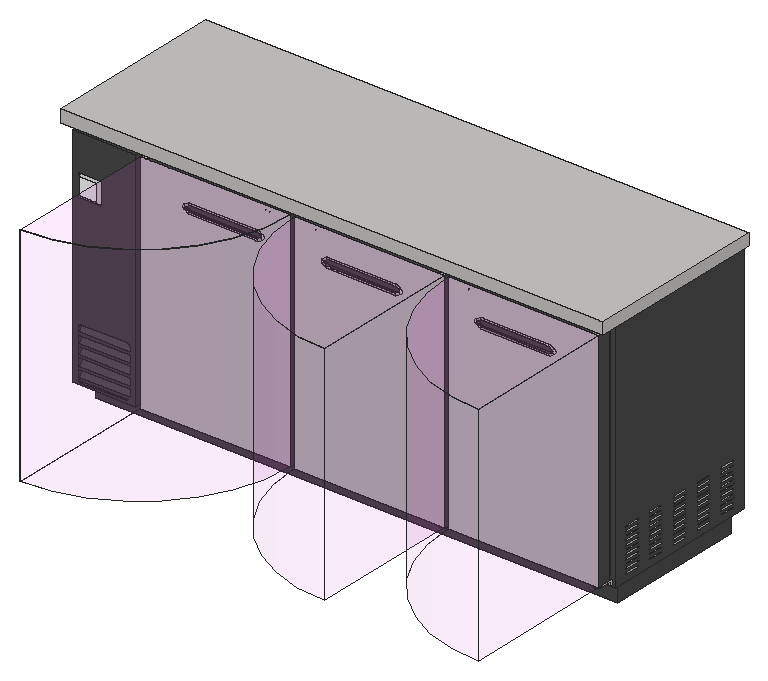
Revit family "QF_Kelvinator_738271_KCHBB72S_3-Solid_Door_Back_Bar_Refrigerator_Black_73_Long", category Specialty Equipment, Revit 2021 (continued)
Definition of nested family "KCHBB48S"
  Definition of nested family "Family1"
    Forms (in)
      Extrusion 17, solid
        sketch origin (1, 0.35049, -1.06969) x (0, 0, 1) y (-1, 0, 0)
          loop
            circle (0.77738, -0.54332) r 0.25
        from 0 to 0.125
      Extrusion 18, solid
        sketch origin (2, 0.35049, -1.06969) x (0, 0, 1) y (-1, 0, 0)
          loop
            circle (0.77738, 1.45668) r 0.25
        from 0 to 0.125
      Extrusion 19, solid, visible <- "Show Clearance"
        sketch origin (0, 0, 0) x (1, 0, 0) y (0, 1, 0)
          loop
            line (0, -1.75) -> (0, -21.95)
            arc (0, -21.95) -> (14.28356, -16.03356) -> (20.2, -1.75) r 20.2
            line (20.2, -1.75) -> (0, -1.75)
        from 0 to 30.4
    Cuts and joins
      Extrusion 2, Extrusion 4 cuts Extrusion 1
      joined: Extrusion 7, Extrusion 8, Extrusion 9, Extrusion 10, Extrusion 11, Extrusion 12
      joined: Extrusion 13, Extrusion 14, Extrusion 15, Extrusion 16, Extrusion 17, Extrusion 18
    Lines and regions (in)
      Split face 1
        outline origin (0, -1.75, 30.4) x (-1, 0, 0) y (0, 0, -1)
          loop
            arc (-16.6075, 0.1875) -> (-16.295, 0.5) -> (-16.6075, 0.8125) r 0.3125
            line (-16.6075, 0.8125) -> (-17.70125, 0.8125)
            arc (-17.70125, 0.8125) -> (-18.01375, 0.5) -> (-17.70125, 0.1875) r 0.3125
            line (-17.70125, 0.1875) -> (-16.6075, 0.1875)
      Split face 2
        outline origin (0, -1.75, 30.4) x (-1, 0, 0) y (0, 0, -1)
          loop
            circle (-17.15437, 0.5) r 0.2773
      symbolic lines, visible <- "Show Clearance"
        curve 1: line (1.02191, -2.34, 0) -> (17.49371, -11.85, 0)
        curve 2: arc (17.49371, -11.85, 0) -> (19.43326, -7.26257, 0) -> (20.19138, -2.34, 0) r 20.2
    Dimensions and locks (in)
      equal spacing: plane 3 "LEFT", plane 7 "Center Y", plane 4 "RIGHT"
      "Length": plane 3 "LEFT" to plane 4 "RIGHT"
      equal spacing: plane 5 "FRONT", plane 8 "Center X", plane 1 "BACK"
      "Depth": plane 5 "FRONT" to plane 1 "BACK"
      "Height": plane 6 "TOP" to level
      aligned and locked: level to plane 2
    Automatic sketch dimensions
      Extrusion 1 sketch curve to level = 0.000"
      Extrusion 1 sketch curve to plane 3 "LEFT" = 0.000"
      plane 4 "RIGHT" to Extrusion 1 sketch curve = 0.000"
      Extrusion 1 sketch curve to plane 6 "TOP" = 0.000"
      Extrusion 2 sketch curve to plane 6 "TOP" = 4.42179"
      Extrusion 2 sketch curve to Extrusion 2 sketch curve = 0.3367"
      Extrusion 2 sketch curve to Extrusion 2 sketch curve = 0.33813"  (x2)
      Extrusion 2 sketch curve to Extrusion 2 sketch curve = 0.09937"  (x2)
      Extrusion 2 sketch curve to Extrusion 2 sketch curve = 0.1008"  (x2)
      plane 12 to Extrusion 2 sketch curve = 5.7715"
      Extrusion 2 sketch curve to Extrusion 2 sketch curve = 0.06211"
      Extrusion 2 sketch curve to Extrusion 2 sketch curve = 0.541"  (x2)
      plane 7 "Center Y" to Extrusion 2 sketch curve = 5.675"
      Extrusion 2 sketch curve to Extrusion 2 sketch curve = 0.000"
      Extrusion 2 sketch curve to Extrusion 2 sketch curve = 0.47572"
      Extrusion 2 sketch curve to Extrusion 2 sketch curve = 0.063"
      Sweep 3 sketch curve to plane 6 "TOP" = 3.54679"
      Sweep 3 sketch curve to Sweep 3 sketch curve = 0.3367"
      Sweep 3 sketch curve to Sweep 3 sketch curve = 0.33813"  (x2)
      Sweep 3 sketch curve to Sweep 3 sketch curve = 0.09937"  (x2)
      Sweep 3 sketch curve to Sweep 3 sketch curve = 0.1008"  (x2)
      plane 12 to Sweep 3 sketch curve = 5.7715"
      Sweep 3 sketch curve to Sweep 3 sketch curve = 0.06211"
      Sweep 3 sketch curve to Sweep 3 sketch curve = 0.541"  (x2)
      plane 7 "Center Y" to Sweep 3 sketch curve = 5.675"
      Sweep 3 sketch curve to Sweep 3 sketch curve = 0.000"
      Sweep 3 sketch curve to Sweep 3 sketch curve = 0.47572"
      Sweep 3 sketch curve to Sweep 3 sketch curve = 0.063"
      profile plane to Sweep 3 sketch curve = 0.000"
      profile plane to Sweep 3 sketch curve = 0.125"
      profile plane to Sweep 3 sketch curve = 2.67809"
      Sweep 3 sketch curve to Sweep 3 sketch curve = 0.12191"
      Split face 1 sketch curve to cut or joined group of Extrusion 1, Extrusion 2, Extrusion 4 = 0.1875"
      cut or joined group of Extrusion 1, Extrusion 2, Extrusion 4 to Split face 1 sketch curve = 0.2873"  (x2)
      Split face 1 sketch curve to cut or joined group of Extrusion 1, Extrusion 2, Extrusion 4 = 0.03125"
      Split face 2 sketch curve to cut or joined group of Extrusion 1, Extrusion 2, Extrusion 4 = 0.03125"
      Split face 2 sketch curve to cut or joined group of Extrusion 1, Extrusion 2, Extrusion 4 = 0.25958"
      Extrusion 1 to Extrusion 4 sketch curve = 0.46875"
      Extrusion 1 to Extrusion 4 sketch curve = 2.78605"
      Extrusion 4 sketch curve to Extrusion 4 sketch curve = 0.51916"
      Extrusion 4 sketch curve to Extrusion 4 sketch curve = 0.0625"
      Extrusion 5 sketch curve to plane 1 "BACK" = 0.000"
      level to Extrusion 5 sketch curve = 0.32425"
      Extrusion 5 sketch curve to plane 6 "TOP" = 0.32575"
      Extrusion 5 sketch curve to Extrusion 5 sketch curve = 0.250"
      Extrusion 6 sketch curve to plane 9 = 0.000"
      level to Extrusion 6 sketch curve = 0.32425"
      Extrusion 6 sketch curve to plane 6 "TOP" = 0.32575"
      Extrusion 6 sketch curve to Extrusion 6 sketch curve = 0.250"
      Extrusion 7 sketch curve to plane 6 "TOP" = 0.000"
      Extrusion 7 sketch curve to plane 3 "LEFT" = 0.000"
      Extrusion 7 sketch curve to plane 10 = 0.12956"
      plane 12 to Extrusion 7 sketch curve = 2.6875"
      Extrusion 8 sketch curve to plane 9 = 0.000"
      Extrusion 8 sketch curve to plane 3 "LEFT" = 0.000"
      plane 12 to Extrusion 8 sketch curve = 0.23886"
      Extrusion 8 sketch curve to plane 8 "Center X" = 0.250"
      Extrusion 9 sketch curve to Extrusion 7 = 0.29232"
      Extrusion 9 sketch curve to Extrusion 7 = 0.45668"
      Extrusion 10 sketch curve to plane 8 "Center X" = 0.000"
      plane 12 to Extrusion 10 sketch curve = 0.23886"
      Extrusion 11 sketch curve to Extrusion 7 = 0.29232"
      Extrusion 11 sketch curve to Extrusion 7 = 1.45668"
      Extrusion 12 sketch curve to Extrusion 7 = 0.29232"
      Extrusion 12 sketch curve to Extrusion 7 = 0.54332"
      Extrusion 13 sketch curve to level = 0.000"
      Extrusion 13 sketch curve to plane 3 "LEFT" = 0.000"
      Extrusion 13 sketch curve to plane 11 = 0.12956"
      plane 12 to Extrusion 13 sketch curve = 2.6875"
      Extrusion 14 sketch curve to plane 3 "LEFT" = 0.000"
      Extrusion 14 sketch curve to plane 9 = 0.000"
      Extrusion 14 sketch curve to plane 8 "Center X" = 0.250"
      Extrusion 14 sketch curve to Extrusion 14 sketch curve = 0.55136"
      Extrusion 15 sketch curve to Extrusion 13 = 0.29232"
      Extrusion 15 sketch curve to Extrusion 13 = 0.45668"
      Extrusion 16 sketch curve to plane 8 "Center X" = 0.000"
      plane 12 to Extrusion 16 sketch curve = 0.23886"
      Extrusion 17 sketch curve to Extrusion 13 = 0.29232"
      Extrusion 17 sketch curve to Extrusion 13 = 1.45668"
      Extrusion 18 sketch curve to Extrusion 13 = 0.29232"
      Extrusion 18 sketch curve to Extrusion 13 = 0.54332"
      Extrusion 19 sketch curve to plane 3 "LEFT" = 0.000"
      Extrusion 19 sketch curve to plane 4 "RIGHT" = 0.000"
      plane 5 "FRONT" to Extrusion 19 sketch curve = 0.000"
      curve 2 to plane 3 "LEFT" = 0.000"
      curve 1 to plane 14 = 0.000"
      curve 2 to plane 14 = 0.000"
      plane 5 "FRONT" to curve 2 = 0.000"
      plane 13 to curve 1 = 2.39379"
      curve 1 to plane 14 = 9.510"
      plane 12 to curve 1 = 0.70941"
      radius of Split face 2 sketch curve = 0.2773"
      radius of Extrusion 9 sketch curve = 0.250"
      radius of Extrusion 10 sketch curve = 0.250"
      radius of Extrusion 11 sketch curve = 0.250"
      radius of Extrusion 12 sketch curve = 0.250"
      radius of Extrusion 15 sketch curve = 0.250"
      radius of Extrusion 16 sketch curve = 0.250"
      radius of Extrusion 17 sketch curve = 0.250"
      radius of Extrusion 18 sketch curve = 0.250"
